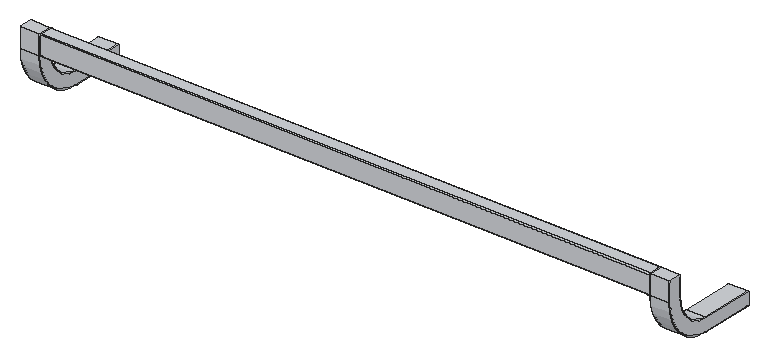
Revit family "Accessory-Towel_Bar-KOHLER-LOURE-K-11581T_1", category Specialty Equipment, host Face, Revit 2017
Family settings
  Host = Face
  Round Connector Dimension = Use Diameter
  Part Type = Normal
  OmniClass Number = 23.31.25.25
  OmniClass Title = Towel Bars
  Cut with Voids When Loaded = No
  Shared = No
  Room Calculation Point = No
Parameters (values of type "CP-Polished Chrome")
  Width = 24 1/64"  # constant formula
  WaterSense Certified = 1 = 0  # no
  URL = "http://www.kohler.com.cn/en/"
  Type = 1
  Product Page URL = "http://www.kohler.com.cn/product/K-11581T-CP/K-11581T-CP/"
  Product Name = "LOURE"  # constant formula
  Product Documentation Link = "http://files.kohler.com.cn/pdfs/k_11745t_47t_11582t_84t.pdf"
  Model = if(Type = 1, "K-11581T-CP", if(Type = 2, "K-11581T-2BL", "NA"))  # "K-11581T-CP"
  Material = "Premium Metal Construction"  # constant formula
  Master Format 2014 Name = "Toilet, Bath, and Laundry Accessories"  # constant formula
  Master Format 2014 = "10 28 00"  # constant formula
  Manufacturer Address = "158 Jiangchang 3rd Road Zhabei District Shanghai, 200436 China"  # constant formula
  Manufacturer = "KOHLER Co."  # constant formula
  Length = 2 133/256"  # constant formula
  Height = 3 189/256"  # constant formula
  Finish = Kohler-Metal-CP-Polished_Chrome
  Environmental Product Declaration = ""
  Description = "24 inch Tower Bar"  # constant formula
  Default Elevation = 42"
  Declare Label = ""
  Date Modified = "06/11/2020"  # constant formula
  Date Created = "06/11/2020"  # constant formula
  Copyright = "Copyright KOHLER Co."  # constant formula
  Contact Us = "http://www.kohler.com.cn/en/contact/contact-us/"
  Assembly Code = "C1030200"
  ADA Compliant = 1 = 0  # no
Types (3): name | Type | Product Page URL | Model | Finish
  (no name) | 1 | "http://www.kohler.com.cn/product/K-11581T-CP/K-11581T-CP/" | "K-11581T-CP" | Kohler-Metal-CP-Polished_Chrome
  CP-Polished Chrome | 1 | "http://www.kohler.com.cn/product/K-11581T-CP/K-11581T-CP/" | "K-11581T-CP" | Kohler-Metal-CP-Polished_Chrome
  2BL-Original Black | 2 | "http://www.kohler.com.cn/product/K-11581T-CP/K-11581T-2BL/" | "K-11581T-2BL" | Kohler-Metal-2BL-Original_Black
Reference planes (in)
  plane 1 "Center (Front/Back)": y = 0
  plane 2: z = 0
  plane 3 "Center (Left/Right)": x = 0
  plane 4: x = -12.00787
  plane 5: x = 12.00775
  plane 6: x = -12.375
  plane 7: x = -11.625
  plane 8: x = 11.625
  plane 9: x = 12.375
  plane 10: y = 3.02675
  plane 11: y = -0.71153
  plane 12: y = -0.22565
  plane 13: z = 2.51953
  plane 14: z = 1.75
  plane 15: z = 0.51232
Dimensions and locks (in)
  "Width": plane 4 to plane 5
  "Height": plane 11 to plane 10
  locked: plane 6 to plane 9 at 24.75
  "Length": plane 13 to plane 2
  aligned and locked: plane 2 to host face
  aligned and locked: level to host face
Automatic sketch dimensions
  host sketch curve to host sketch curve = 96"  (x2)
Nested families (in)
  nested 1: "K-11581T" at (0, 0.28659, 0), type "K-11581T"
Definition of nested family "K-11581T"
  Parameters (values of type "K-11581T")
    Material = none
  Reference planes (in)
    plane 1 "Center (Front/Back)": y = 0
    plane 2: z = 0
    plane 3 "Center (Left/Right)": x = 0
    plane 4: y = -1
    plane 5: y = 2.74016
    plane 6: x = -12.00787
    plane 7: x = 12.00787
    plane 8: x = -12.375
    plane 9: x = -11.625
    plane 10: x = 12.00787
    plane 11: x = 12.375
    plane 12: x = 11.625
    plane 13: y = -0.51225
    plane 14: z = 2.51969
    plane 15: z = 1.75
    plane 16: z = 0.51232
  Forms (in)
    Sweep 1, solid, material <- "Material", detail levels medium+fine
      path origin (0, 1.7258, 0) x (0, -1, 0) y (0, 0, -1)
        loop
          line (-0.99964, -0.24357) -> (1.00679, -0.24357)
          arc (1.00679, -0.24357) -> (2.06745, -0.68291) -> (2.50679, -1.74357) r 1.5
          line (2.50679, -1.74357) -> (2.50679, -2.5)
      profile origin (0, 2.72544, 0.24357) x (0, 0, -1) y (1, 0, 0)
        loop
          line (-0.26874, -11.64472) -> (-0.26874, -12.35435)
          arc (-0.26874, -12.35435) -> (-0.26269, -12.36895) -> (-0.24809, -12.375) r 0.02065
          line (-0.24809, -12.375) -> (0.22349, -12.375)
          arc (0.22349, -12.375) -> (0.23769, -12.36912) -> (0.24357, -12.35492) r 0.02008
          line (0.24357, -12.35492) -> (0.24357, -11.64548)
          arc (0.24357, -11.64548) -> (0.23757, -11.631) -> (0.22309, -11.625) r 0.02048
          line (0.22309, -11.625) -> (-0.24902, -11.625)
          arc (-0.24902, -11.625) -> (-0.26297, -11.63078) -> (-0.26874, -11.64472) r 0.01972
    Extrusion 2, solid, material <- "Material", detail levels medium+fine
      sketch origin (0, 1.70088, 0) x (0, -1, 0) y (0, 0, -1)
        loop
          line (2.69544, -1.75) -> (2.24312, -1.75)
          arc (2.24312, -1.75) -> (2.22191, -1.75879) -> (2.21312, -1.78) r 0.03
          line (2.21312, -1.78) -> (2.21312, -2.47)
          arc (2.21312, -2.47) -> (2.22191, -2.49121) -> (2.24312, -2.5) r 0.03
          line (2.24312, -2.5) -> (2.69544, -2.5)
          arc (2.69544, -2.5) -> (2.71665, -2.49121) -> (2.72544, -2.47) r 0.03
          line (2.72544, -2.47) -> (2.72544, -1.78)
          arc (2.72544, -1.78) -> (2.71665, -1.75879) -> (2.69544, -1.75) r 0.03
      from -11.625 to 11.625
    Extrusion 3, solid, material <- "Material", detail levels coarse
      sketch origin (0, 1.70088, 0) x (0, -1, 0) y (0, 0, -1)
        loop
          line (2.72544, -1.89778) -> (2.72544, 0) -> (-1.02456, 0) -> (-1.02456, -0.39004) -> (2.21312, -0.39004) -> (2.21312, -1.89778) -> (2.72544, -1.89778)
      from 11.64505 to 12.375
    Extrusion 4, solid, material <- "Material", detail levels coarse
      sketch origin (0, 1.70088, 0) x (0, -1, 0) y (0, 0, -1)
        loop
          line (2.72544, -1.78) -> (2.21312, -1.78) -> (2.21312, -2.5) -> (2.72544, -2.5) -> (2.72544, -1.78)
      from -12.375 to 12.375
    Extrusion 5, solid, material <- "Material", detail levels coarse
      sketch origin (0, 1.70088, 0) x (0, -1, 0) y (0, 0, 1)
        loop
          line (2.72544, 1.92986) -> (2.21312, 1.92986) -> (2.21312, 0.39004) -> (-1.02456, 0.39004) -> (-1.02456, 0) -> (2.72544, 0) -> (2.72544, 1.92986)
      from 11.64505 to 12.375
    Sweep 6, solid, material <- "Material", detail levels medium+fine
      path origin (0, 1.7258, 0) x (0, -1, 0) y (0, 0, 1)
        loop
          line (-0.99964, 0.24357) -> (1.00679, 0.24357)
          arc (1.00679, 0.24357) -> (2.06745, 0.68291) -> (2.50679, 1.74357) r 1.5
          line (2.50679, 1.74357) -> (2.50679, 2.5)
      profile origin (0, 2.72544, 0.24357) x (0, 0, 1) y (-1, 0, 0)
        loop
          arc (0.26874, -11.64472) -> (0.26297, -11.63078) -> (0.24902, -11.625) r 0.01972
          line (0.24902, -11.625) -> (-0.22309, -11.625)
          arc (-0.22309, -11.625) -> (-0.23757, -11.631) -> (-0.24357, -11.64548) r 0.02048
          line (-0.24357, -11.64548) -> (-0.24357, -12.35492)
          arc (-0.24357, -12.35492) -> (-0.23769, -12.36912) -> (-0.22349, -12.375) r 0.02008
          line (-0.22349, -12.375) -> (0.24809, -12.375)
          arc (0.24809, -12.375) -> (0.26269, -12.36895) -> (0.26874, -12.35435) r 0.02065
          line (0.26874, -12.35435) -> (0.26874, -11.64472)
  Cuts and joins
    joined: Sweep 1, Sweep 6
    joined: Extrusion 3, Extrusion 4, Extrusion 5
  Lines and regions (in)
    Masking region 1
      outline origin (0, 0, 0) x (1, 0, 0) y (0, 0, 1)
        loop
          line (-12.375, 2.51969) -> (-12.375, 0) -> (-11.625, 0) -> (-11.625, 1.75) -> (11.625, 1.75) -> (11.625, 0) -> (12.375, 0) -> (12.375, 2.51969) -> (-12.375, 2.51969)
    Masking region 2
      outline origin (0, 1.70088, 0) x (0, -1, 0) y (0, 0, 1)
        loop
          line (-1.03928, 0) -> (0.99579, 0)
          arc (0.99579, 0) -> (2.20147, 0.49941) -> (2.70088, 1.70509) r 1.70509
          line (2.70088, 1.70509) -> (2.70088, 2.51969) -> (2.21312, 2.51969) -> (2.21312, 1.74357)
          arc (2.21312, 1.74357) -> (1.8525, 0.87294) -> (0.98187, 0.51232) r 1.23126
          line (0.98187, 0.51232) -> (-1.03928, 0.51232) -> (-1.03928, 0)
    Masking region 3
      outline origin (0, 1.70088, 0) x (0, -1, 0) y (1, 0, 0)
        loop
          arc (2.67959, -12.375) -> (2.69464, -12.36876) -> (2.70088, -12.35371) r 0.02129
          line (2.70088, -12.35371) -> (2.70088, 12.35371)
          arc (2.70088, 12.35371) -> (2.69464, 12.36876) -> (2.67959, 12.375) r 0.02129
          line (2.67959, 12.375) -> (-1.03928, 12.375) -> (-1.03928, 11.625) -> (2.21312, 11.625) -> (2.21312, -11.625) -> (-1.03928, -11.625) -> (-1.03928, -12.375) -> (2.67959, -12.375)
    symbolic lines, detail levels medium+fine
      curve 1: line (-11.64505, 0, 0.51232) -> (-12.35495, 0, 0.51232)
      curve 2: arc (-12.35495, 0, 0.51232) -> (-12.36911, 0, 0.50667) -> (-12.375, 0, 0.49261) r 0.0197
      curve 3: arc (-11.625, 0, 0.49261) -> (-11.63089, 0, 0.50667) -> (-11.64505, 0, 0.51232) r 0.0197
      curve 4: line (-12.35495, 0, 2.51969) -> (-12.35495, 0, 0.51232)
      curve 5: line (-11.64505, 0, 2.51969) -> (-11.64505, 0, 0.51232)
      curve 6: line (-11.625, 0, 1.75) -> (-11.625, 0, 2.51969)
      curve 7: line (11.64505, 0, 0.51232) -> (12.35495, 0, 0.51232)
      curve 8: arc (12.35495, 0, 0.51232) -> (12.36911, 0, 0.50667) -> (12.375, 0, 0.49261) r 0.0197
      curve 9: arc (11.625, 0, 0.49261) -> (11.63089, 0, 0.50667) -> (11.64505, 0, 0.51232) r 0.0197
      curve 10: line (12.35495, 0, 2.51969) -> (12.35495, 0, 0.51232)
      curve 11: line (11.64505, 0, 2.51969) -> (11.64505, 0, 0.51232)
      curve 12: line (11.625, 0, 1.75) -> (11.625, 0, 2.51969)
      curve 13: line (-12.35495, -0.51225, 0) -> (-11.625, -0.51225, 0)
      curve 14: arc (-11.625, -0.53195, 0) -> (-11.63089, -0.51789, 0) -> (-11.64505, -0.51225, 0) r 0.0197
      curve 15: arc (-12.35495, -0.51225, 0) -> (-12.36911, -0.51789, 0) -> (-12.375, -0.53195, 0) r 0.0197
      curve 16: line (-12.35495, 2.74016, 0) -> (-12.35495, -0.51225, 0)
      curve 17: line (-11.64505, -0.51225, 0) -> (-11.64505, 2.74016, 0)
      curve 18: line (-11.625, -1, 0) -> (-11.625, -0.51225, 0)
      curve 19: arc (-11.64669, -1, 0) -> (-11.63135, -0.99365, 0) -> (-11.625, -0.97831, 0) r 0.02169
      curve 20: line (12.35495, -0.51225, 0) -> (11.625, -0.51225, 0)
      curve 21: arc (11.625, -0.53195, 0) -> (11.63089, -0.51789, 0) -> (11.64505, -0.51225, 0) r 0.0197
      curve 22: arc (12.35495, -0.51225, 0) -> (12.36911, -0.51789, 0) -> (12.375, -0.53195, 0) r 0.0197
      curve 23: line (12.35495, 2.74016, 0) -> (12.35495, -0.51225, 0)
      curve 24: line (11.64505, -0.51225, 0) -> (11.64505, 2.74016, 0)
      curve 25: line (11.625, -1, 0) -> (11.625, -0.51225, 0)
      curve 26: arc (11.64669, -1, 0) -> (11.63135, -0.99365, 0) -> (11.625, -0.97831, 0) r 0.02169
  Dimensions and locks (in)
    locked: plane 4 to plane 5 at 3.74016
    locked: plane 6 to plane 7 at 24.01575
    plane 8 to plane 11 = 24 3/4"
    locked: plane 14 to plane 2 at 2.51969
    aligned and locked: plane 2 to level
